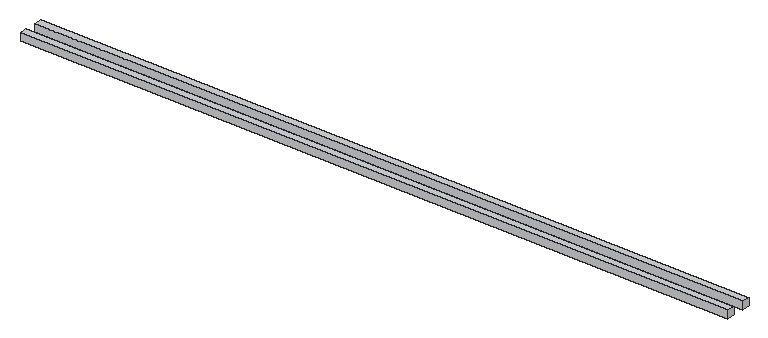
Revit family "M_Padrão do montante_1x2", category Modelos genéricos, Revit 2019
Family settings
  Pode hospedar o vergalhão = Não
  Cota do conector redondo = Utilizar diâmetro
  Tipo de parte = Normal
  Com base no plano de trabalho = Não
  Sempre na vertical = Sim
  Corte com vazios quando carregada = Não
  Compartilhado = Sim
  Ponto de cálculo do ambiente = Não
Parameters
  Largura [instance] = 1200 mm
  Espessura = 12.7 mm
  Altura [instance] = 1200 mm
  Material interior [instance] = none
  Material externo [instance] = none
  Distância = 19.05 mm
Reference planes
  plane 1 "Centro (Frente/Trás)": y = 0
  plane 2: z = 0
  plane 3 "Centro (Esquerda/Direita)": x = 0
  plane 4: z = 1200
  plane 5: x = -600
  plane 6: x = 600
  plane 7: z = 600
  plane 8 "a": y = 9.525
  plane 9 "b": y = -9.525
  plane 10: y = -22.225
  plane 11: y = 22.225
Forms (mm)
  Extrusion 1, solid, material <- "Material externo", detail levels fine
    sketch origin (0, 9.525, 0) x (-1, 0, 0) y (0, 0, 1)
      loop
        line (600, 606.35) -> (-600, 606.35) -> (-600, 593.65) -> (600, 593.65) -> (600, 606.35)
    from 0 to 12.7
  Extrusion 2, solid, material <- "Material interior", detail levels fine
    sketch origin (0, -9.525, 0) x (-1, 0, 0) y (0, 0, 1)
      loop
        line (600, 606.35) -> (-600, 606.35) -> (-600, 593.65) -> (600, 593.65) -> (600, 606.35)
    from 0 to -12.7
Lines and regions (mm)
  model lines, detail levels medium
    curve 1: line (-600, -9.525, 600) -> (600, -9.525, 600)
    curve 2: line (-600, 9.525, 600) -> (600, 9.525, 600)
Dimensions and locks
  equal spacing: plane 6, plane 3 "Centro (Esquerda/Direita)", plane 5
  "Largura": plane 6 to plane 5
  "Altura": plane 4 to plane 2
  equal spacing: plane 4, plane 7, plane 2
  equal spacing: plane 8 "a", plane 1 "Centro (Frente/Trás)", plane 9 "b"
  "Distância": plane 8 "a" to plane 9 "b"
  locked: Extrusion 1 sketch curve to plane 7 at 6.35
  locked: plane 7 to Extrusion 1 sketch curve at 6.35
  "Espessura": plane 11 to plane 8 "a"
  "Espessura": plane 9 "b" to plane 10
  aligned and locked: plane 2 to level
  aligned and locked: plane 5 to curve 1
  aligned and locked: plane 6 to curve 1
  aligned and locked: Extrusion 1 sketch curve to plane 6
  aligned and locked: Extrusion 1 sketch curve to plane 5
  aligned and locked: plane 5 to curve 2
  aligned and locked: plane 6 to curve 2
  aligned and locked: plane 11 to Extrusion 1
  aligned and locked: Extrusion 1 to plane 8 "a"
  aligned and locked: Extrusion 2 to plane 10
Automatic sketch dimensions
  curve 2 to plane 6 = 0 mm
  curve 2 to plane 5 = 0 mm
  curve 2 to plane 7 = 0 mm
  Extrusion 2 sketch curve to plane 6 = 0 mm
  Extrusion 2 sketch curve to plane 5 = 0 mm
  Extrusion 2 sketch curve to plane 7 = 6.35 mm
  plane 7 to Extrusion 2 sketch curve = 6.35 mm
  curve 1 to plane 7 = 0 mm
